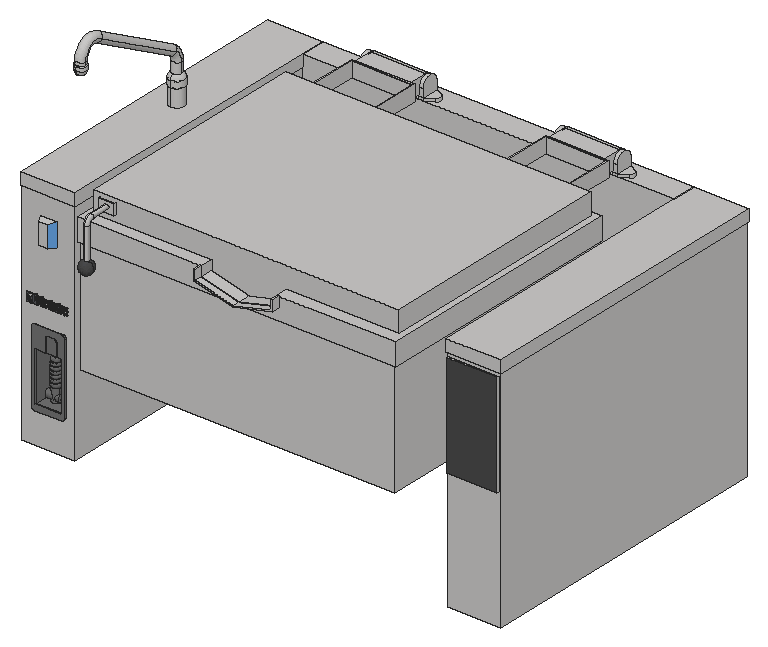
Revit family "QF_ELECTROLUXPROFESSIONAL_586929_PFET08ECES", category Specialty Equipment, Revit 2018 (continued)
Automatic sketch dimensions
  Extrusion 34 sketch curve to Extrusion 34 sketch curve = 2.596 mm
  Extrusion 34 sketch curve to Extrusion 34 sketch curve = 0.059 mm  (x2)
  Extrusion 34 sketch curve to Extrusion 34 sketch curve = 3.889 mm
  Extrusion 34 sketch curve to Extrusion 34 sketch curve = 6.029 mm
  Extrusion 34 sketch curve to Extrusion 34 sketch curve = 0.929 mm
  Extrusion 34 sketch curve to Extrusion 34 sketch curve = 1.102 mm
  Extrusion 34 sketch curve to Extrusion 34 sketch curve = 0.756 mm  (x2)
  Extrusion 34 sketch curve to Extrusion 34 sketch curve = 0.852 mm
  Extrusion 34 sketch curve to Extrusion 34 sketch curve = 0.108 mm
  Extrusion 34 sketch curve to Extrusion 34 sketch curve = 0.101 mm
  Extrusion 34 sketch curve to Extrusion 34 sketch curve = 0.072 mm
  Extrusion 34 sketch curve to Extrusion 34 sketch curve = 1.67 mm
  Extrusion 34 sketch curve to Extrusion 34 sketch curve = 1.834 mm
  Extrusion 34 sketch curve to Extrusion 34 sketch curve = 0.366 mm
  Extrusion 34 sketch curve to Extrusion 34 sketch curve = 0.993 mm
  Extrusion 34 sketch curve to Extrusion 34 sketch curve = 0.81 mm
  Extrusion 34 sketch curve to Extrusion 34 sketch curve = 1.026 mm  (x2)
  Extrusion 34 sketch curve to Extrusion 34 sketch curve = 4.272 mm
  Extrusion 34 sketch curve to Extrusion 34 sketch curve = 0.163 mm
  Extrusion 34 sketch curve to Extrusion 34 sketch curve = 0.551 mm
  Extrusion 34 sketch curve to Extrusion 34 sketch curve = 6.11 mm
  Extrusion 34 sketch curve to Extrusion 34 sketch curve = 1.451 mm
  Extrusion 34 sketch curve to Extrusion 34 sketch curve = 5.217 mm
  Extrusion 34 sketch curve to Extrusion 34 sketch curve = 0.045 mm  (x2)
  Extrusion 34 sketch curve to Extrusion 34 sketch curve = 0.241 mm
  Extrusion 34 sketch curve to Extrusion 34 sketch curve = 0.039 mm
  Extrusion 34 sketch curve to Extrusion 34 sketch curve = 1.134 mm
  Extrusion 34 sketch curve to Extrusion 34 sketch curve = 2.351 mm
  Extrusion 34 sketch curve to Extrusion 34 sketch curve = 3.993 mm
  Extrusion 34 sketch curve to Extrusion 34 sketch curve = 10.128 mm
  Extrusion 34 sketch curve to Extrusion 34 sketch curve = 0.956 mm
  Extrusion 34 sketch curve to Extrusion 34 sketch curve = 1.263 mm
  Extrusion 34 sketch curve to Extrusion 34 sketch curve = 2.577 mm
  Extrusion 34 sketch curve to Extrusion 34 sketch curve = 0.243 mm
  Extrusion 34 sketch curve to Extrusion 34 sketch curve = 0.031 mm
  Extrusion 34 sketch curve to Extrusion 34 sketch curve = 7.148 mm
  Extrusion 34 sketch curve to Extrusion 34 sketch curve = 1.502 mm
  Extrusion 34 sketch curve to Extrusion 34 sketch curve = 11.54 mm
  Extrusion 34 sketch curve to Extrusion 34 sketch curve = 11.758 mm
  Extrusion 34 sketch curve to Extrusion 34 sketch curve = 4.097 mm
  Extrusion 34 sketch curve to Extrusion 34 sketch curve = 0.011 mm
  Extrusion 34 sketch curve to Extrusion 34 sketch curve = 4.488 mm
  Extrusion 34 sketch curve to plane 6 "TOP" = 305.278 mm
  Extrusion 34 sketch curve to Extrusion 34 sketch curve = 1.276 mm
  Extrusion 34 sketch curve to Extrusion 34 sketch curve = 1.279 mm
  Extrusion 34 sketch curve to Extrusion 34 sketch curve = 0.08 mm
  Extrusion 34 sketch curve to Extrusion 34 sketch curve = 1.542 mm  (x3)
  Extrusion 34 sketch curve to Extrusion 34 sketch curve = 1.975 mm
  Extrusion 34 sketch curve to Extrusion 34 sketch curve = 2.212 mm
  Extrusion 34 sketch curve to Extrusion 34 sketch curve = 3.655 mm
  Extrusion 34 sketch curve to Extrusion 34 sketch curve = 3.779 mm
  Extrusion 34 sketch curve to Extrusion 34 sketch curve = 0.124 mm  (x2)
  Extrusion 34 sketch curve to Extrusion 34 sketch curve = 3.78 mm  (x2)
  Extrusion 34 sketch curve to Extrusion 34 sketch curve = 1.401 mm
  Extrusion 34 sketch curve to Extrusion 34 sketch curve = 1.424 mm
  Extrusion 34 sketch curve to Extrusion 34 sketch curve = 3.23 mm
  Extrusion 34 sketch curve to Extrusion 34 sketch curve = 2.137 mm
  Extrusion 34 sketch curve to Extrusion 34 sketch curve = 1.094 mm
  Extrusion 34 sketch curve to Extrusion 34 sketch curve = 2.932 mm
  Extrusion 34 sketch curve to Extrusion 34 sketch curve = 7.641 mm
  Extrusion 34 sketch curve to Extrusion 34 sketch curve = 2.218 mm
  Extrusion 34 sketch curve to Extrusion 34 sketch curve = 0.113 mm
  Extrusion 34 sketch curve to Extrusion 34 sketch curve = 0.36 mm
  Extrusion 34 sketch curve to Extrusion 34 sketch curve = 0.008 mm
  Extrusion 34 sketch curve to Extrusion 34 sketch curve = 1.652 mm
  Extrusion 34 sketch curve to Extrusion 34 sketch curve = 0.256 mm
  Extrusion 34 sketch curve to Extrusion 34 sketch curve = 1.705 mm
  Extrusion 34 sketch curve to Extrusion 34 sketch curve = 1.454 mm
  Extrusion 34 sketch curve to Extrusion 34 sketch curve = 0.095 mm
  Extrusion 34 sketch curve to Extrusion 34 sketch curve = 0.109 mm
  Extrusion 34 sketch curve to Extrusion 34 sketch curve = 1.893 mm
  Extrusion 34 sketch curve to Extrusion 34 sketch curve = 0.003 mm
  Extrusion 34 sketch curve to Extrusion 34 sketch curve = 2.803 mm
  Extrusion 34 sketch curve to Extrusion 34 sketch curve = 0.12 mm  (x3)
  Extrusion 34 sketch curve to Extrusion 34 sketch curve = 0.02 mm
  Extrusion 34 sketch curve to Extrusion 34 sketch curve = 0.188 mm
  Extrusion 34 sketch curve to Extrusion 34 sketch curve = 0.568 mm
  Extrusion 34 sketch curve to Extrusion 34 sketch curve = 0.707 mm
  Extrusion 34 sketch curve to Extrusion 34 sketch curve = 1.654 mm
  Extrusion 34 sketch curve to Extrusion 34 sketch curve = 3.379 mm
  Extrusion 34 sketch curve to Extrusion 34 sketch curve = 0.174 mm
  Extrusion 34 sketch curve to Extrusion 34 sketch curve = 0.146 mm  (x2)
  Extrusion 34 sketch curve to Extrusion 34 sketch curve = 5.763 mm
  Extrusion 34 sketch curve to Extrusion 34 sketch curve = 1.953 mm
  Extrusion 34 sketch curve to Extrusion 34 sketch curve = 0.099 mm
  Extrusion 34 sketch curve to Extrusion 34 sketch curve = 0.19 mm
  Extrusion 34 sketch curve to Extrusion 34 sketch curve = 0.196 mm
  Extrusion 34 sketch curve to Extrusion 34 sketch curve = 0.05 mm
  Extrusion 34 sketch curve to Extrusion 34 sketch curve = 0.239 mm
  Extrusion 34 sketch curve to Extrusion 34 sketch curve = 1.763 mm
  Extrusion 34 sketch curve to Extrusion 34 sketch curve = 1.754 mm
  Extrusion 34 sketch curve to Extrusion 34 sketch curve = 1.442 mm
  Extrusion 34 sketch curve to Extrusion 34 sketch curve = 0.282 mm
  Extrusion 34 sketch curve to Extrusion 34 sketch curve = 1.607 mm
  Extrusion 34 sketch curve to Extrusion 34 sketch curve = 2.197 mm
  Extrusion 34 sketch curve to Extrusion 34 sketch curve = 3.917 mm
  Extrusion 34 sketch curve to Extrusion 34 sketch curve = 3.479 mm
  Extrusion 34 sketch curve to Extrusion 34 sketch curve = 4.017 mm
  Extrusion 34 sketch curve to Extrusion 34 sketch curve = 0.006 mm
  Extrusion 34 sketch curve to Extrusion 34 sketch curve = 5.661 mm  (x3)
  Extrusion 34 sketch curve to Extrusion 34 sketch curve = 5.657 mm  (x2)
  Extrusion 34 sketch curve to Extrusion 34 sketch curve = 7.186 mm
  Extrusion 34 sketch curve to Extrusion 34 sketch curve = 0.598 mm
  Extrusion 34 sketch curve to Extrusion 34 sketch curve = 6.253 mm
  Extrusion 34 sketch curve to Extrusion 34 sketch curve = 0.891 mm
  Extrusion 34 sketch curve to Extrusion 34 sketch curve = 0.954 mm  (x2)
  Extrusion 34 sketch curve to Extrusion 34 sketch curve = 1.017 mm
  Extrusion 34 sketch curve to Extrusion 34 sketch curve = 0.624 mm  (x2)
  Extrusion 34 sketch curve to Extrusion 34 sketch curve = 0.016 mm  (x2)
  Extrusion 34 sketch curve to Extrusion 34 sketch curve = 0.709 mm  (x2)
  Extrusion 34 sketch curve to Extrusion 34 sketch curve = 0.602 mm
  Extrusion 34 sketch curve to Extrusion 34 sketch curve = 0.607 mm
  Extrusion 34 sketch curve to Extrusion 34 sketch curve = 0.372 mm  (x2)
  Extrusion 34 sketch curve to Extrusion 34 sketch curve = 1.696 mm
  Extrusion 34 sketch curve to Extrusion 34 sketch curve = 1.752 mm
  Extrusion 34 sketch curve to Extrusion 34 sketch curve = 0.182 mm  (x2)
  Extrusion 34 sketch curve to Extrusion 34 sketch curve = 0.93 mm
  Extrusion 34 sketch curve to Extrusion 34 sketch curve = 0.155 mm  (x2)
  Extrusion 34 sketch curve to Extrusion 34 sketch curve = 0.996 mm
  Extrusion 34 sketch curve to Extrusion 34 sketch curve = 0.297 mm  (x2)
  Extrusion 34 sketch curve to Extrusion 34 sketch curve = 2.359 mm
  Extrusion 34 sketch curve to Extrusion 34 sketch curve = 0.839 mm
  Extrusion 34 sketch curve to Extrusion 34 sketch curve = 0.892 mm  (x2)
  Extrusion 34 sketch curve to Extrusion 34 sketch curve = 0.563 mm
  Extrusion 34 sketch curve to Extrusion 34 sketch curve = 1.037 mm
  Extrusion 34 sketch curve to Extrusion 34 sketch curve = 0.531 mm  (x2)
  Extrusion 34 sketch curve to Extrusion 34 sketch curve = 0.068 mm  (x2)
  Extrusion 34 sketch curve to Extrusion 34 sketch curve = 0.203 mm
  Extrusion 34 sketch curve to Extrusion 34 sketch curve = 0.107 mm  (x2)
  Extrusion 34 sketch curve to Extrusion 34 sketch curve = 1.305 mm
  Extrusion 34 sketch curve to Extrusion 34 sketch curve = 1.058 mm
  Extrusion 34 sketch curve to Extrusion 34 sketch curve = 0.365 mm
  Extrusion 34 sketch curve to Extrusion 34 sketch curve = 0.15 mm  (x2)
  Extrusion 34 sketch curve to Extrusion 34 sketch curve = 0.475 mm
  Extrusion 34 sketch curve to Extrusion 34 sketch curve = 0.292 mm
  Extrusion 34 sketch curve to Extrusion 34 sketch curve = 0.434 mm  (x2)
  Extrusion 34 sketch curve to Extrusion 34 sketch curve = 0.385 mm  (x2)
  Extrusion 34 sketch curve to Extrusion 34 sketch curve = 2.117 mm
  Extrusion 34 sketch curve to Extrusion 34 sketch curve = 0.295 mm  (x2)
  Extrusion 34 sketch curve to Extrusion 34 sketch curve = 0.968 mm
  Extrusion 34 sketch curve to Extrusion 34 sketch curve = 3.826 mm
  Extrusion 34 sketch curve to Extrusion 34 sketch curve = 1.018 mm  (x2)
  Extrusion 34 sketch curve to Extrusion 34 sketch curve = 4.718 mm
  Extrusion 34 sketch curve to Extrusion 34 sketch curve = 2.967 mm
  Extrusion 34 sketch curve to Extrusion 34 sketch curve = 1.662 mm
  Extrusion 34 sketch curve to Extrusion 34 sketch curve = 1.626 mm  (x3)
  Extrusion 34 sketch curve to Extrusion 34 sketch curve = 1.65 mm
  Extrusion 34 sketch curve to Extrusion 34 sketch curve = 1.192 mm
  Extrusion 34 sketch curve to Extrusion 34 sketch curve = 2.57 mm  (x2)
  Extrusion 34 sketch curve to Extrusion 34 sketch curve = 3.444 mm  (x2)
  Extrusion 34 sketch curve to Extrusion 34 sketch curve = 1.343 mm  (x2)
  Extrusion 34 sketch curve to Extrusion 34 sketch curve = 1.353 mm  (x2)
  Extrusion 34 sketch curve to Extrusion 34 sketch curve = 0.027 mm  (x2)
  Extrusion 34 sketch curve to Extrusion 34 sketch curve = 0.395 mm  (x2)
  Extrusion 34 sketch curve to Extrusion 34 sketch curve = 0.329 mm  (x2)
  Extrusion 34 sketch curve to Extrusion 34 sketch curve = 0.425 mm  (x2)
  Extrusion 34 sketch curve to Extrusion 34 sketch curve = 0.051 mm  (x2)
  Extrusion 34 sketch curve to Extrusion 34 sketch curve = 0.495 mm  (x2)
  Extrusion 34 sketch curve to Extrusion 34 sketch curve = 0.267 mm  (x2)
  Extrusion 34 sketch curve to Extrusion 34 sketch curve = 1.40 mm
  Extrusion 34 sketch curve to Extrusion 34 sketch curve = 5.233 mm
  Extrusion 34 sketch curve to Extrusion 34 sketch curve = 2.062 mm
  plane 3 "LEFT" to Extrusion 35 sketch curve = 40.30 mm
  Extrusion 35 sketch curve to Extrusion 35 sketch curve = 82.00 mm
  plane 7 to Extrusion 35 sketch curve = 105.944 mm
  Extrusion 35 sketch curve to Extrusion 35 sketch curve = 195.00 mm
  radius of Extrusion 30 sketch curve = 9.525 mm
  radius of Extrusion 31 sketch curve = 9.525 mm
  radius of Extrusion 7 sketch curve = 6.35 mm  (x2)
  radius of Extrusion 8 sketch curve = 6.35 mm
  radius of Sweep 28 sketch curve = 6.362 mm
  radius of Extrusion 34 sketch curve = 2.453 mm
  radius of Extrusion 34 sketch curve = 1.557 mm
  radius of Extrusion 34 sketch curve = 1.468 mm
  radius of Extrusion 34 sketch curve = 2.451 mm
  radius of Extrusion 11 sketch curve = 12.50 mm
Nested families
  nested 1: "QF_ELECTROLUXPROFESSIONAL_RubSprint" at (80, -430, 900), type "QF_ELECTROLUXPROFESSIONAL_RubSprint"
  nested 2: "QF_ELECTROLUXPROFESSIONAL_SprayGun" at (77.3, -837, 291.944), type "QF_ELECTROLUXPROFESSIONAL_SprayGun"
Connectors
  electrical at (1321.204, 5, 450), driven by "Volts"
    settings: on Extrusion 8, index 1, voltage 400 V, apparent load 20600 VA, apparent load phase1 0 VA, apparent load phase2 0 VA, apparent load phase3 0 VA, power factor 1, load classification "Other", number of poles 1, system type 30, power factor state 1, is connector primary yes, connector utility no, sub classification motor no, connector description "Electrical Connection"
  piping at (106.204, 5, 395), diameter 12.7
    settings: on Extrusion 7, index 2, connector inside diameter 1/2", connector length 0.00 mm, flow factor 0, pipe flow 0 GPM, pressure drop 0.00 psi, fitting loss kfactor 0, connector angle 0.00°, fixture units 0, engagement length 0.00 mm, angle of deflection 0.00°, flow configuration 1, flow direction 1, fitting loss method 0, system type 20, joint type 0, gender type 0, connector reference index -1, connector utility 0, adjustable connector no, is connector primary yes, connector description "Cold Water Inlet"
  piping at (46.204, 5, 395), diameter 12.7
    settings: on Extrusion 7, index 3, connector inside diameter 1/2", connector length 0.00 mm, flow factor 0, pipe flow 0 GPM, pressure drop 0.00 psi, fitting loss kfactor 0, connector angle 0.00°, fixture units 0, engagement length 0.00 mm, angle of deflection 0.00°, flow configuration 1, flow direction 1, fitting loss method 0, system type 19, joint type 0, gender type 0, connector reference index -1, connector utility 0, adjustable connector no, is connector primary no, connector description "Hot Water Inlet"
  piping at (50, -315, 798), diameter 19
    settings: on Extrusion 30, index 4, connector inside diameter 0.74803", connector length 0.00 mm, flow factor 0, pipe flow 0 GPM, pressure drop 0.00 psi, fitting loss kfactor 0, connector angle 0.00°, fixture units 0, engagement length 0.00 mm, angle of deflection 0.00°, flow configuration 1, flow direction 1, fitting loss method 0, system type 19, joint type 0, gender type 0, connector reference index -1, connector utility 0, adjustable connector no, is connector primary no, connector description ""
  piping at (110, -315, 798), diameter 19
    settings: on Extrusion 31, index 5, connector inside diameter 0.74803", connector length 0.00 mm, flow factor 0, pipe flow 0 GPM, pressure drop 0.00 psi, fitting loss kfactor 0, connector angle 0.00°, fixture units 0, engagement length 0.00 mm, angle of deflection 0.00°, flow configuration 1, flow direction 1, fitting loss method 0, system type 20, joint type 0, gender type 0, connector reference index -1, connector utility 0, adjustable connector no, is connector primary no, connector description ""
Definition of nested family "QF_ELECTROLUXPROFESSIONAL_RubSprint"
  Reference planes
    plane 1 "Center (Front/Back)": y = 0
    plane 2: z = 0
    plane 3 "Center (Left/Right)": x = 0
  Forms (mm)
    Revolve 1, solid
      sketch origin (0, 0, 0) x (0, 1, 0) y (0, 0, 1)
        loop
          line (-21, 0) -> (0, 0) -> (0, 82.75) -> (-14.385, 82.75)
          arc (-14.385, 82.75) -> (-19.409, 76.68) -> (-22.385, 69.383) r 26
          line (-22.385, 69.383) -> (-22.385, 51.306) -> (-21, 50.388) -> (-21, 0)
        axis (0, 82.75) -> (0, 0)
      angle from 0 to 360
    Sweep 2, solid
      path origin (0, 0, 0) x (0, 1, 0) y (0, 0, 1)
        loop
          line (0, 82.75) -> (0, 113.75)
          arc (0, 113.75) -> (-5.44, 133.889) -> (-20.279, 148.551) r 40
          line (-20.279, 148.551) -> (-290.279, 301.55)
          arc (-290.279, 301.55) -> (-330.139, 301.31) -> (-349.999, 266.749) r 40
          line (-349.999, 266.749) -> (-349.999, 257.884)
      profile origin (0, 0, 98.25) x (0, -1, 0) y (1, 0, 0)
        loop
          circle (0, 0) r 13.5
    Revolve 3, solid
      sketch origin (0, 0, 0) x (0, 1, 0) y (0, 0, 1)
        loop
          line (-333.717, 244.264) -> (-333.717, 254.236)
          arc (-333.717, 254.236) -> (-334.434, 255.758) -> (-335.779, 256.77) r 3.5
          line (-335.779, 256.77) -> (-336.499, 257.884) -> (-349.999, 257.884) -> (-349.999, 233.05) -> (-339.2, 233.05)
          arc (-339.2, 233.05) -> (-338.052, 233.411) -> (-337.32, 234.365) r 2
          line (-337.32, 234.365) -> (-333.717, 244.264)
        axis (-349.999, 257.884) -> (-349.999, 233.05)
      angle from 0 to 360
  Lines and regions (mm)
    symbolic lines
      curve 1: arc (-13.5, -17.856, 0) -> (0, 22.385, 0) -> (13.5, -17.856, 0) r 22.385
      curve 2: arc (-13.5, 0, 0) -> (0, 13.5, 0) -> (13.5, 0, 0) r 13.5
      curve 3: arc (-13.5, -349.999, 0) -> (0, -363.499, 0) -> (13.5, -349.999, 0) r 13.5
      curve 4: arc (-13.5, -340.897, 0) -> (0, -366.281, 0) -> (13.5, -340.897, 0) r 16.282
      curve 5: line (13.5, -349.999, 0) -> (13.5, 0, 0)
      curve 6: line (-13.5, -349.999, 0) -> (-13.5, 0, 0)
  Dimensions and locks
    aligned and locked: level to plane 2
Definition of nested family "QF_ELECTROLUXPROFESSIONAL_SprayGun"
  Reference planes
    plane 1 "Center (Front/Back)": y = 0
    plane 2: z = 0
    plane 3 "SGy": x = 13
    plane 4 "AxeZ": y = -45
    plane 5 "Center (Left/Right)": x = 4
    plane 6 "Center (Top/Right)": z = 112.5
  Forms (mm)
    Revolve 1, solid
      sketch origin (0, -45, 0) x (0, 0, 1) y (-1, 0, 0)
        loop
          line (73.98, -1.423) -> (33.98, -1.423) -> (33.98, -13) -> (151.7, -13) -> (151.7, -4.362)
          arc (151.7, -4.362) -> (147.093, -1.396) -> (141.64, -1.926) r 8.345
          arc (141.64, -1.926) -> (140.226, -2.024) -> (139.103, -1.16) r 2
          arc (139.103, -1.16) -> (138.832, -0.814) -> (138.493, -0.536) r 2
          arc (138.493, -0.536) -> (134.77, 0.557) -> (131.061, -0.581) r 6.745
          arc (131.061, -0.581) -> (129.812, -0.914) -> (128.62, -0.414) r 2
          arc (128.62, -0.414) -> (124.347, 1.338) -> (119.917, 0.035) r 6.972
          arc (119.917, 0.035) -> (118.79, -0.341) -> (117.648, -0.011) r 2
          arc (117.648, -0.011) -> (113.81, 1.188) -> (109.921, 0.166) r 7.275
          arc (109.921, 0.166) -> (108.725, -0.109) -> (107.594, 0.367) r 2
          arc (107.594, 0.367) -> (103.55, 1.928) -> (99.427, 0.587) r 6.475
          arc (99.427, 0.587) -> (98.262, 0.173) -> (97.076, 0.524) r 2
          arc (97.076, 0.524) -> (92.711, 1.941) -> (88.277, 0.758) r 8.094
          arc (88.277, 0.758) -> (87.212, 0.464) -> (86.153, 0.781) r 2
          arc (86.153, 0.781) -> (79.633, 2.075) -> (73.98, -1.423) r 9.075
        axis (151.7, -13) -> (33.98, -13)
      angle from 0 to 360
    Revolve 2, solid
      sketch origin (0, -45, 0) x (0, 0, 1) y (-1, 0, 0)
        loop
          line (47.58, 11.558) -> (40.98, 11.558) -> (40.98, 9.577) -> (35.98, 9.577) -> (35.98, -30.423) -> (40.98, -30.423) -> (40.98, -35.423) -> (47.58, -35.423) -> (47.58, 11.558)
        axis (47.58, 11.558) -> (47.58, -35.423)
      angle from 0 to 360
    Extrusion 3, solid
      sketch origin (0, -45, 0) x (1, 0, 0) y (0, 1, 0)
        loop
          line (21.638, 0) -> (17.319, 7.481) -> (8.681, 7.481) -> (4.362, 0) -> (8.681, -7.481) -> (17.319, -7.481) -> (21.638, 0)
      from 151.7 to 160.974
    Extrusion 4, solid
      sketch origin (0, 0, 0) x (1, 0, 0) y (0, 0, 1)
        loop
          arc (-45, 10) -> (-42.071, 2.929) -> (-35, 0) r 10
          line (-35, 0) -> (43, 0)
          arc (43, 0) -> (50.071, 2.929) -> (53, 10) r 10
          line (53, 10) -> (53, 215)
          arc (53, 215) -> (50.071, 222.071) -> (43, 225) r 10
          line (43, 225) -> (-35, 225)
          arc (-35, 225) -> (-42.071, 222.071) -> (-45, 215) r 10
          line (-45, 215) -> (-45, 10)
        loop
          line (-35, 162) -> (-35, 16) -> (43, 16) -> (43, 162) -> (29, 162) -> (29, 199)
          arc (29, 199) -> (26.657, 204.657) -> (21, 207) r 8
          line (21, 207) -> (5, 207)
          arc (5, 207) -> (-0.657, 204.657) -> (-3, 199) r 8
          line (-3, 199) -> (-3, 162) -> (-35, 162)
      from 63 to 60
    Extrusion 5, solid
      sketch origin (0, 0, 0) x (1, 0, 0) y (0, 0, 1)
        loop
          line (-35, 16) -> (43, 16) -> (43, 162) -> (29, 162) -> (29, 199)
          arc (29, 199) -> (26.657, 204.657) -> (21, 207) r 8
          line (21, 207) -> (5, 207)
          arc (5, 207) -> (-0.657, 204.657) -> (-3, 199) r 8
          line (-3, 199) -> (-3, 162) -> (-35, 162) -> (-35, 16)
        loop
          line (31, 164) -> (31, 199)
          arc (31, 199) -> (28.071, 206.071) -> (21, 209) r 10
          line (21, 209) -> (5, 209)
          arc (5, 209) -> (-2.071, 206.071) -> (-5, 199) r 10
          line (-5, 199) -> (-5, 164) -> (-37, 164) -> (-37, 14) -> (45, 14) -> (45, 164) -> (31, 164)
      from 0 to 60
    Extrusion 6, solid
      sketch origin (0, 0, 0) x (1, 0, 0) y (0, 0, 1)
        loop
          line (-37, 164) -> (-37, 14) -> (45, 14) -> (45, 164) -> (-37, 164)
      from 6 to 0
    Extrusion 7, solid
      sketch origin (0, 0, 0) x (1, 0, 0) y (0, 0, 1)
        loop
          line (28, 160.974) -> (28, 198)
          arc (28, 198) -> (25.657, 203.657) -> (20, 206) r 8
          line (20, 206) -> (6, 206)
          arc (6, 206) -> (0.343, 203.657) -> (-2, 198) r 8
          line (-2, 198) -> (-2, 160.974) -> (28, 160.974)
      from 0 to 63
  Dimensions and locks
    equal spacing: Extrusion 4, plane 5 "Center (Left/Right)", Extrusion 4
    Extrusion 4 to Extrusion 4 = 225.00 mm
    Extrusion 4 to Extrusion 4 = 98.00 mm
    aligned and locked: level to plane 2
  Automatic sketch dimensions
    plane 3 "SGy" to Revolve 1 sketch curve = 0.00 mm  (x2)
    plane 5 "Center (Left/Right)" to Revolve 1 sketch curve = 2.577 mm
    level to Revolve 1 sketch curve = 33.98 mm
    Revolve 1 sketch curve to Revolve 1 sketch curve = 40.00 mm
    Revolve 1 sketch curve to plane 5 "Center (Left/Right)" = 2.854 mm
    Revolve 1 sketch curve to Revolve 1 sketch curve = 7.27 mm
    Revolve 1 sketch curve to Revolve 1 sketch curve = 5.984 mm
    Revolve 1 sketch curve to plane 5 "Center (Left/Right)" = 2.15 mm
    Revolve 1 sketch curve to Revolve 1 sketch curve = 5.262 mm
    Revolve 1 sketch curve to Revolve 1 sketch curve = 5.712 mm
    Revolve 1 sketch curve to plane 5 "Center (Left/Right)" = 0.545 mm
    Revolve 1 sketch curve to Revolve 1 sketch curve = 5.167 mm
    Revolve 1 sketch curve to Revolve 1 sketch curve = 5.522 mm
    Revolve 1 sketch curve to plane 5 "Center (Left/Right)" = 2.085 mm
    Revolve 1 sketch curve to Revolve 1 sketch curve = 4.746 mm
    Revolve 1 sketch curve to Revolve 1 sketch curve = 5.106 mm
    Revolve 1 sketch curve to plane 5 "Center (Left/Right)" = 1.624 mm
    Revolve 1 sketch curve to Revolve 1 sketch curve = 5.239 mm
    Revolve 1 sketch curve to Revolve 1 sketch curve = 5.96 mm
    Revolve 1 sketch curve to plane 5 "Center (Left/Right)" = 2.187 mm
    Revolve 1 sketch curve to Revolve 1 sketch curve = 4.862 mm
    plane 5 "Center (Left/Right)" to Revolve 1 sketch curve = 1.788 mm
    Revolve 1 sketch curve to Revolve 1 sketch curve = 2.59 mm
    Revolve 1 sketch curve to Revolve 1 sketch curve = 3.403 mm
    plane 3 "SGy" to Revolve 1 sketch curve = 3.493 mm
    Revolve 1 sketch curve to Revolve 1 sketch curve = 4.325 mm
    Revolve 1 sketch curve to Revolve 1 sketch curve = 6.57 mm
    Revolve 1 sketch curve to plane 5 "Center (Left/Right)" = 0.362 mm
    plane 5 "Center (Left/Right)" to Revolve 1 sketch curve = 3.891 mm
    plane 5 "Center (Left/Right)" to Revolve 1 sketch curve = 5.081 mm
    plane 5 "Center (Left/Right)" to Revolve 1 sketch curve = 5.658 mm
    plane 5 "Center (Left/Right)" to Revolve 1 sketch curve = 5.884 mm
    plane 5 "Center (Left/Right)" to Revolve 1 sketch curve = 6.173 mm
    plane 5 "Center (Left/Right)" to Revolve 1 sketch curve = 6.464 mm
    Revolve 1 sketch curve to Revolve 1 sketch curve = 7.72 mm
    Revolve 1 sketch curve to Revolve 1 sketch curve = 0.00 mm  (x12)
    Revolve 1 sketch curve to Revolve 1 sketch curve = 1.57 mm
    Revolve 2 sketch curve to plane 3 "SGy" = 17.423 mm
    level to Revolve 2 sketch curve = 35.98 mm
    Revolve 2 sketch curve to Revolve 2 sketch curve = 5.00 mm  (x3)
    Revolve 2 sketch curve to Revolve 2 sketch curve = 6.60 mm
    plane 5 "Center (Left/Right)" to Revolve 2 sketch curve = 13.577 mm
    Revolve 2 sketch curve to Revolve 2 sketch curve = 1.981 mm
    Revolve 2 sketch curve to Revolve 2 sketch curve = 0.00 mm  (x2)
    Revolve 2 sketch curve to Revolve 2 sketch curve = 4.326 mm
    plane 4 "AxeZ" to Extrusion 3 sketch curve = 0.00 mm  (x2)
    Extrusion 3 sketch curve to plane 5 "Center (Left/Right)" = 0.362 mm
    plane 3 "SGy" to Extrusion 3 sketch curve = 4.319 mm  (x2)
    Extrusion 3 sketch curve to plane 3 "SGy" = 4.319 mm  (x2)
    Extrusion 3 sketch curve to Extrusion 3 sketch curve = 4.319 mm
    plane 4 "AxeZ" to Extrusion 3 sketch curve = 7.481 mm
    Extrusion 3 sketch curve to plane 4 "AxeZ" = 7.481 mm
    Extrusion 4 sketch curve to level = 0.00 mm
    level to Extrusion 4 sketch curve = 10.00 mm
    plane 5 "Center (Left/Right)" to Extrusion 4 sketch curve = 49.00 mm
    Extrusion 4 sketch curve to Extrusion 4 sketch curve = 10.00 mm  (x2)
    Extrusion 4 sketch curve to Extrusion 4 sketch curve = 0.00 mm  (x3)
    plane 5 "Center (Left/Right)" to Extrusion 4 sketch curve = 7.00 mm
    Extrusion 4 sketch curve to plane 5 "Center (Left/Right)" = 1.00 mm
    Extrusion 4 sketch curve to plane 3 "SGy" = 8.00 mm
    Extrusion 4 sketch curve to plane 3 "SGy" = 16.00 mm
    Extrusion 4 sketch curve to Extrusion 4 sketch curve = 14.00 mm  (x2)
    Extrusion 4 sketch curve to Extrusion 4 sketch curve = 6.00 mm
    Extrusion 4 sketch curve to Extrusion 4 sketch curve = 146.00 mm
    Extrusion 4 sketch curve to Extrusion 4 sketch curve = 37.00 mm
    Extrusion 4 sketch curve to Extrusion 4 sketch curve = 16.00 mm
    Extrusion 5 sketch curve to Extrusion 5 sketch curve = 0.00 mm  (x5)
    level to Extrusion 5 sketch curve = 14.00 mm
    plane 5 "Center (Left/Right)" to Extrusion 5 sketch curve = 41.00 mm
    Extrusion 5 sketch curve to Extrusion 5 sketch curve = 2.00 mm  (x6)
    plane 5 "Center (Left/Right)" to Extrusion 5 sketch curve = 9.00 mm
    Extrusion 5 sketch curve to plane 5 "Center (Left/Right)" = 1.00 mm
    Extrusion 5 sketch curve to plane 3 "SGy" = 8.00 mm
    Extrusion 5 sketch curve to Extrusion 5 sketch curve = 8.00 mm
    Extrusion 5 sketch curve to plane 3 "SGy" = 30.00 mm
    Extrusion 5 sketch curve to Extrusion 5 sketch curve = 146.00 mm
    Extrusion 5 sketch curve to Extrusion 5 sketch curve = 35.00 mm
    level to Extrusion 6 sketch curve = 14.00 mm
    plane 5 "Center (Left/Right)" to Extrusion 6 sketch curve = 41.00 mm
    Extrusion 6 sketch curve to plane 3 "SGy" = 32.00 mm
    Extrusion 6 sketch curve to Extrusion 6 sketch curve = 150.00 mm
    plane 5 "Center (Left/Right)" to Extrusion 7 sketch curve = 6.00 mm
    Extrusion 7 sketch curve to plane 5 "Center (Left/Right)" = 2.00 mm
    Extrusion 7 sketch curve to plane 3 "SGy" = 7.00 mm
    Extrusion 7 sketch curve to plane 3 "SGy" = 15.00 mm
    level to Extrusion 7 sketch curve = 160.974 mm
    Extrusion 7 sketch curve to Extrusion 7 sketch curve = 37.026 mm
